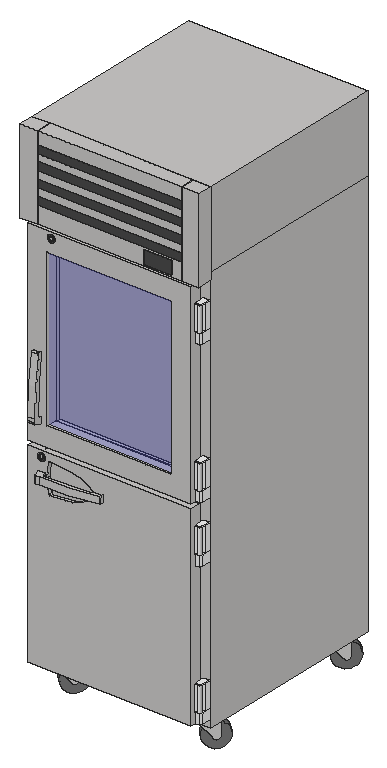
Revit family "QF_Turbo Air_PRO-26R-GSH", category Specialty Equipment, Revit 2014
Parameters
  Width = 2' - 4 3/4"  # constant formula
  Weight in Pounds = 320
  Watermarked By = ""
  Volts = 115 V
  URL Cutsheet = ""
  URL = "www.turboairinc.com"
  Status [instance] = ""
  Specification by User [instance] = ""
  Specification by Manufacturer [instance] = ""
  Serial Number [instance] = ""
  Revision Code [instance] = ""
  Phase = 1
  Overall Height [instance] = Box Height + CasterLeg Height  # 6' - 11"
  Number of Poles [instance] = 1
  NAFEM Spec ID Number [instance] = ""
  Model = "PRO-26R-GSH"
  Masterspec [instance] = ""
  Manufacturer = "Turbo Air"  # constant formula
  Door Height = 2' - 7 1/4"  # constant formula
  Description = "Refrigerator, Reach In"
  Assembly Code = "E1090320"
  6 inch Legs [instance] = no
  Item Number [instance] = "-"
  Installed By [instance] = ""
  HP = "1/3"
  Furnished By [instance] = ""
  Foodservice Equipment Identifier = yes
  FL Amps = 5.2 A
  Electrical Remarks [instance] = ""
  Electric Connection Type = ""
  Elec Conn RI Height [instance] = 0' - 0"
  Elec Conn Connection Height = 6' - 4 7/8"
  Cycle = 60 Hz
  Conn Plug = "NEMA 5-15P"
  Casters [instance] = not([6 inch Legs])  # yes
  CasterLeg Height [instance] = if(or([5 inch Casters], [6 inch Legs]), 0' 6", 0' 5")  # 0' - 5"
  CSI MasterFormat = "11 41 13"
  Box Height = 6' - 6"  # constant formula
  Apparent Power = if(Phase = 3, Volts * FL Amps * 1.73, Volts * FL Amps)  # 598 VA
  5 inch Casters [instance] = no
Reference planes (in)
  plane 1 "BACK": y = 0
  plane 2: z = 0
  plane 3 "LEFT": x = -16.56573
  plane 4 "RIGHT": x = 12.18427
  plane 5 "FRONT": y = -33.875
  plane 6 "Box Front": y = -31.5
  plane 7 "Door Clearance": y = -60.875
  plane 8 "TOP": z = 83
  plane 9 "Box Bottom": z = 5
  plane 10 "Bottom Door Bottom": z = 5.875
  plane 11 "Top Door Top": z = 69.125
  plane 12 "Inside Left": x = -14.56573
  plane 13 "Inside Right": x = 10.18427
  plane 14 "Inside Back": y = -2
  plane 15 "Inside Front": y = -29.5
  plane 16 "Inside Top": z = 70.75
  plane 17 "Center LR": x = -2.19073
  plane 18 "Cowl Bottom": z = 69.5
  plane 19 "Door Left Hinge": x = -15.31573
  plane 20 "Door Right Hinge": x = 10.93427
  plane 21 "Door Center": z = 37.5
  plane 22 "Top Door Bottom": z = 37.875
  plane 23 "Bottom Door Top": z = 37.125
Forms (in)
  Extrusion 1, solid, material "QF_Stainless-Polished"
    sketch origin (0, 0, 5) x (0, 1, 0) y (-1, 0, 0)
      loop
        line (-31.5, 16.56573) -> (-31.5, 13.81573) -> (-29.5, 13.81573) -> (-29.5, 14.56573) -> (-2, 14.56573) -> (-2, -10.18427) -> (-29.5, -10.18427) -> (-29.5, -9.43427) -> (-31.5, -9.43427) -> (-31.5, -12.18427) -> (0, -12.18427) -> (0, 16.56573) -> (-31.5, 16.56573)
    from 0 to 65.75
  Extrusion 2, solid, material "QF_Stainless-Polished"
    sketch origin (-14.56573, 0, 0) x (0, 1, 0) y (0, 0, 1)
      loop
        line (-29.5, 7.75) -> (-29.5, 5) -> (-2, 5) -> (-2, 7.75) -> (-29.5, 7.75)
      loop
        line (-29.5, 70.75) -> (-29.5, 69.375) -> (-2, 69.375) -> (-2, 70.75) -> (-29.5, 70.75)
    from 0 to 24.75
  Extrusion 3, solid, material "QF_Stainless-Polished"
    sketch origin (-14.56573, 0, 0) x (0, 1, 0) y (0, 0, 1)
      loop
        line (-29.5, 5) -> (-29.5, 8.25) -> (-31.5, 8.25) -> (-31.5, 5) -> (-29.5, 5)
      loop
        line (-31.5, 70.75) -> (-31.5, 67) -> (-29.5, 67) -> (-29.5, 70.75) -> (-31.5, 70.75)
    from 0.75 to 24
  Extrusion 4, solid, material "QF_Stainless-Polished"
    sketch origin (0, 0, 83) x (0, 1, 0) y (-1, 0, 0)
      loop
        line (0, 16.56573) -> (-31.5, 16.56573) -> (-31.5, -12.18427) -> (0, -12.18427) -> (0, 16.56573)
    from 0 to -12.25
  Extrusion 5, solid, material "QF_Stainless-Polished"
    sketch origin (-14.56573, 0, 0) x (0, 1, 0) y (0, 0, 1)
      loop
        line (-2, 69.375) -> (-27.25, 69.375) -> (-25, 68.125) -> (-13.25, 68.125) -> (-3.25, 65.625) -> (-2, 65.625) -> (-2, 69.375)
    from 0 to 24.75
  Extrusion 6, solid, material "QF_Stainless-Polished"
    sketch origin (-2.19073, 0, 0) x (0, 1, 0) y (0, 0, 1)
      loop
        line (-3.25, 65.625) -> (-3.25, 28.875) -> (-2, 28.875) -> (-2, 65.625) -> (-3.25, 65.625)
    from 0.25 to -0.25
  Extrusion 7, solid, material "QF_Plastic-Black-Fine Textured"
    sketch origin (0, -31.5, 0) x (1, 0, 0) y (0, 0, 1)
      loop
        line (-14.31573, 67.75) -> (-14.31573, 39.25) -> (9.93427, 39.25) -> (9.93427, 67.75) -> (-14.31573, 67.75)
      loop
        line (-14.31573, 7.25) -> (9.93427, 7.25) -> (9.93427, 35.75) -> (-14.31573, 35.75) -> (-14.31573, 7.25)
      loop
        line (-14.56573, 7) -> (10.18427, 7) -> (10.18427, 36) -> (-14.56573, 36) -> (-14.56573, 7)
      loop
        line (-14.56573, 68) -> (-14.56573, 39) -> (10.18427, 39) -> (10.18427, 68) -> (-14.56573, 68)
    from 0 to 0.625
  Extrusion 8, solid, material "QF_Stainless-Polished"
    sketch origin (0, -31.5, 0) x (1, 0, 0) y (0, 0, 1)
      loop
        line (-16.56573, 83) -> (-16.56573, 69.5) -> (-13.75323, 69.5) -> (-13.75323, 83) -> (-16.56573, 83)
      loop
        line (12.18427, 83) -> (9.37177, 83) -> (9.37177, 69.5) -> (12.18427, 69.5) -> (12.18427, 83)
    from 0 to 2.375
  Extrusion 9, solid, material "QF_Stainless-Polished"
    sketch origin (0, -31.5, 0) x (1, 0, 0) y (0, 0, 1)
      loop
        line (-13.75323, 83) -> (-13.75323, 81) -> (9.37177, 81) -> (9.37177, 83) -> (-13.75323, 83)
      loop
        line (-13.75323, 69.5) -> (9.37177, 69.5) -> (9.37177, 72.25) -> (-13.75323, 72.25) -> (-13.75323, 69.5)
      loop
        arc (7.87177, 71.75) -> (7.81686, 71.88258) -> (7.68427, 71.9375) r 0.1875
        line (7.68427, 71.9375) -> (3.55927, 71.9375)
        arc (3.55927, 71.9375) -> (3.42669, 71.88258) -> (3.37177, 71.75) r 0.1875
        line (3.37177, 71.75) -> (3.37177, 69.9375)
        arc (3.37177, 69.9375) -> (3.42669, 69.80492) -> (3.55927, 69.75) r 0.1875
        line (3.55927, 69.75) -> (7.68427, 69.75)
        arc (7.68427, 69.75) -> (7.81686, 69.80492) -> (7.87177, 69.9375) r 0.1875
        line (7.87177, 69.9375) -> (7.87177, 71.75)
    from 0 to 2.375
  Extrusion 10, solid, material "QF_Stainless-Polished"
    sketch origin (0, -31.5, 0) x (1, 0, 0) y (0, 0, 1)
      loop
        line (-13.75323, 79.6875) -> (-13.75323, 78.5625) -> (9.37177, 78.5625) -> (9.37177, 79.6875) -> (-13.75323, 79.6875)
      loop
        line (9.37177, 77.1875) -> (-13.75323, 77.1875) -> (-13.75323, 76.0625) -> (9.37177, 76.0625) -> (9.37177, 77.1875)
      loop
        line (9.37177, 74.6875) -> (-13.75323, 74.6875) -> (-13.75323, 73.5625) -> (9.37177, 73.5625) -> (9.37177, 74.6875)
    from 0 to 2.375
  Extrusion 11, solid, material "QF_Plastic-Black-Fine Textured"
    sketch origin (0, -31.5, 0) x (1, 0, 0) y (0, 0, 1)
      loop
        line (-13.75323, 81) -> (-13.75323, 79.6875) -> (9.37177, 79.6875) -> (9.37177, 81) -> (-13.75323, 81)
      loop
        line (-13.75323, 78.5625) -> (-13.75323, 77.1875) -> (9.37177, 77.1875) -> (9.37177, 78.5625) -> (-13.75323, 78.5625)
      loop
        line (-13.75323, 76.0625) -> (-13.75323, 74.6875) -> (9.37177, 74.6875) -> (9.37177, 76.0625) -> (-13.75323, 76.0625)
      loop
        line (-13.75323, 73.5625) -> (-13.75323, 72.25) -> (9.37177, 72.25) -> (9.37177, 73.5625) -> (-13.75323, 73.5625)
    from 0 to 2.375
  Extrusion 12, solid, material "QF_Plastic-Black-Fine Textured"
    sketch origin (0, -31.5, 0) x (1, 0, 0) y (0, 0, 1)
      loop
        arc (3.55927, 71.9375) -> (3.42669, 71.88258) -> (3.37177, 71.75) r 0.1875
        line (3.37177, 71.75) -> (3.37177, 69.9375)
        arc (3.37177, 69.9375) -> (3.42669, 69.80492) -> (3.55927, 69.75) r 0.1875
        line (3.55927, 69.75) -> (7.68427, 69.75)
        arc (7.68427, 69.75) -> (7.81686, 69.80492) -> (7.87177, 69.9375) r 0.1875
        line (7.87177, 69.9375) -> (7.87177, 71.75)
        arc (7.87177, 71.75) -> (7.81686, 71.88258) -> (7.68427, 71.9375) r 0.1875
        line (7.68427, 71.9375) -> (3.55927, 71.9375)
    from 0 to 2.375
  Extrusion 13, solid, material "QF_Clearance", detail levels coarse+medium
    sketch origin (0, 0, 5.875) x (0, 1, 0) y (-1, 0, 0)
      loop
        arc (-33.875, 16.56573) -> (-53.29595, 7.75127) -> (-60.875, -12.18427) r 28
        line (-60.875, -12.18427) -> (-33.875, -12.18427) -> (-33.875, 16.56573)
    from 0 to 63.25
  Extrusion 14, solid, material "QF_Stainless-Polished"
    sketch origin (0, -31.5, 0) x (1, 0, 0) y (0, 0, 1)
      loop
        line (-13.81573, 39.46875) -> (-13.81573, 35.53125) -> (9.43427, 35.53125) -> (9.43427, 39.46875) -> (-13.81573, 39.46875)
    from 0 to -2
Lines and regions (in)
  symbolic lines
    curve 1: line (-16.56573, 0, 83) -> (12.18427, 0, 83)
    curve 2: line (-16.56573, -33.875, 83) -> (-16.56573, 0, 83)
    curve 3: line (12.18427, -33.875, 83) -> (-16.56573, -33.875, 83)
    curve 4: line (12.18427, 0, 83) -> (12.18427, -33.875, 83)
  symbolic lines, style "QF_Clearances_Door_Drawer", detail levels coarse+medium
    curve 5: arc (-16.56573, -33.875, 5.875) -> (-7.75127, -53.29595, 5.875) -> (12.18427, -60.875, 5.875) r 28
    curve 6: line (12.18427, -60.875, 5.875) -> (12.18427, -33.875, 5.875)
Dimensions and locks (in)
  "Width": plane 4 "RIGHT" to plane 3 "LEFT"
  plane 5 "FRONT" to plane 6 "Box Front" = 0' - 2 3/8"
  locked: plane 7 "Door Clearance" to plane 5 "FRONT" at 27
  "CasterLeg Height": plane 9 "Box Bottom" to level
  locked: plane 10 "Bottom Door Bottom" to plane 9 "Box Bottom" at 0.875
  "Box Height": plane 8 "TOP" to plane 9 "Box Bottom"
  locked: plane 8 "TOP" to plane 11 "Top Door Top" at 13.875
  locked: plane 3 "LEFT" to plane 12 "Inside Left" at 2
  locked: plane 13 "Inside Right" to plane 4 "RIGHT" at 2
  locked: plane 14 "Inside Back" to plane 1 "BACK" at 2
  plane 6 "Box Front" to plane 15 "Inside Front" = 0' - 2"
  locked: plane 12 "Inside Left" to Extrusion 1 sketch curve at 0.75
  locked: Extrusion 1 sketch curve to plane 13 "Inside Right" at 0.75
  locked: plane 8 "TOP" to plane 16 "Inside Top" at 12.25
  locked: plane 9 "Box Bottom" to Extrusion 2 sketch curve at 2.75
  locked: Extrusion 3 sketch curve to plane 9 "Box Bottom" at 3.25
  locked: plane 16 "Inside Top" to Extrusion 2 sketch curve at 1.375
  locked: Extrusion 3 sketch curve to plane 16 "Inside Top" at 3.75
  locked: plane 16 "Inside Top" to Extrusion 5 sketch curve at 1.375
  locked: Extrusion 5 sketch curve to Extrusion 5 sketch curve at 1.25
  locked: Extrusion 5 sketch curve to Extrusion 5 sketch curve at 11.75
  locked: Extrusion 5 sketch curve to plane 14 "Inside Back" at 25.25
  locked: Extrusion 5 sketch curve to plane 14 "Inside Back" at 1.25
  locked: Extrusion 5 sketch curve to plane 14 "Inside Back" at 11.25
  locked: Extrusion 5 sketch curve to Extrusion 5 sketch curve at 3.75
  equal spacing: plane 3 "LEFT", plane 17 "Center LR", plane 4 "RIGHT"
  locked: plane 16 "Inside Top" to Extrusion 6 sketch curve at 5.125
  locked: Extrusion 6 sketch curve to Extrusion 6 sketch curve at 36.75
  locked: Extrusion 6 sketch curve to plane 14 "Inside Back" at 1.25
  locked: Extrusion 7 sketch curve to Extrusion 7 sketch curve at 0.25  (x6)
  locked: Extrusion 7 sketch curve to plane 3 "LEFT" at 2
  locked: Extrusion 7 sketch curve to plane 4 "RIGHT" at 2
  locked: plane 11 "Top Door Top" to Extrusion 7 sketch curve at 1.125
  locked: Extrusion 7 sketch curve to plane 10 "Bottom Door Bottom" at 1.125
  locked: plane 18 "Cowl Bottom" to plane 11 "Top Door Top" at 0.375
  locked: plane 3 "LEFT" to nested 1 at 3
  locked: nested 1 to plane 1 "BACK" at 2.5
  locked: plane 3 "LEFT" to nested 2 at 3
  locked: plane 6 "Box Front" to nested 2 at 2.8125
  locked: nested 3 to plane 4 "RIGHT" at 3
  locked: nested 3 to plane 1 "BACK" at 2.5
  locked: nested 4 to plane 4 "RIGHT" at 3
  locked: plane 6 "Box Front" to nested 4 at 2.8125
  locked: plane 3 "LEFT" to Extrusion 8 sketch curve at 2.8125
  locked: Extrusion 8 sketch curve to plane 4 "RIGHT" at 2.8125
  locked: Extrusion 9 sketch curve to plane 3 "LEFT" at 2.8125  (x2)
  locked: plane 8 "TOP" to Extrusion 9 sketch curve at 2
  locked: Extrusion 9 sketch curve to plane 4 "RIGHT" at 2.8125  (x2)
  locked: Extrusion 9 sketch curve to plane 18 "Cowl Bottom" at 2.75
  locked: Extrusion 9 sketch curve to Extrusion 9 sketch curve at 4.5
  locked: Extrusion 9 sketch curve to plane 4 "RIGHT" at 4.3125
  locked: Extrusion 9 sketch curve to Extrusion 9 sketch curve at 2.1875
  locked: Extrusion 9 sketch curve to Extrusion 9 sketch curve at 0.3125
  locked: Extrusion 10 sketch curve to plane 3 "LEFT" at 2.8125  (x3)
  locked: Extrusion 10 sketch curve to plane 4 "RIGHT" at 2.8125  (x3)
  locked: plane 8 "TOP" to Extrusion 10 sketch curve at 3.3125
  locked: Extrusion 10 sketch curve to Extrusion 10 sketch curve at 1.125  (x3)
  locked: Extrusion 10 sketch curve to Extrusion 10 sketch curve at 1.375  (x2)
  locked: plane 3 "LEFT" to plane 19 "Door Left Hinge" at 1.25
  locked: plane 20 "Door Right Hinge" to plane 4 "RIGHT" at 1.25
  equal spacing: plane 11 "Top Door Top", plane 21 "Door Center", plane 10 "Bottom Door Bottom"
  plane 22 "Top Door Bottom" to plane 21 "Door Center" to plane 23 "Bottom Door Top" = 0' - 0 3/8" locked, 0' - 0 3/8" locked
  locked: Extrusion 7 sketch curve to plane 22 "Top Door Bottom" at 1.125
  locked: plane 23 "Bottom Door Top" to Extrusion 7 sketch curve at 1.125
  Extrusion 14 sketch curve to plane 21 "Door Center" to Extrusion 14 sketch curve = 0' - 1 31/32" locked, 0' - 1 31/32" locked
  locked: plane 3 "LEFT" to Extrusion 14 sketch curve at 2.75
  locked: Extrusion 14 sketch curve to plane 4 "RIGHT" at 2.75
  locked: plane 6 "Box Front" to plane 1 "BACK" at 31.5
  aligned and locked: level to plane 2
  aligned and locked: Extrusion 1 sketch curve to plane 3 "LEFT"
  aligned and locked: plane 12 "Inside Left" to Extrusion 1 sketch curve
  aligned and locked: Extrusion 1 sketch curve to plane 13 "Inside Right"
  aligned and locked: plane 4 "RIGHT" to Extrusion 1 sketch curve
  aligned and locked: plane 14 "Inside Back" to Extrusion 1 sketch curve
  aligned and locked: Extrusion 1 sketch curve to plane 1 "BACK"
  aligned and locked: Extrusion 1 sketch curve to plane 15 "Inside Front"  (x2)
  aligned and locked: plane 6 "Box Front" to Extrusion 1 sketch curve  (x2)
  aligned and locked: plane 16 "Inside Top" to Extrusion 1
  aligned and locked: plane 9 "Box Bottom" to Extrusion 2 sketch curve
  aligned and locked: plane 15 "Inside Front" to Extrusion 2 sketch curve
  aligned and locked: plane 14 "Inside Back" to Extrusion 2 sketch curve  (x2)
  aligned and locked: plane 13 "Inside Right" to Extrusion 2
  aligned and locked: plane 6 "Box Front" to Extrusion 3 sketch curve  (x2)
  aligned and locked: Extrusion 3 sketch curve to plane 9 "Box Bottom"
  aligned and locked: Extrusion 3 sketch curve to plane 15 "Inside Front"  (x2)
  aligned and locked: Extrusion 3 to Extrusion 1  (x2)
  aligned and locked: Extrusion 2 sketch curve to plane 16 "Inside Top"
  aligned and locked: Extrusion 2 sketch curve to plane 15 "Inside Front"
  aligned and locked: plane 16 "Inside Top" to Extrusion 3 sketch curve
  aligned and locked: plane 1 "BACK" to Extrusion 4 sketch curve
  aligned and locked: plane 3 "LEFT" to Extrusion 4 sketch curve
  aligned and locked: Extrusion 4 sketch curve to plane 6 "Box Front"
  aligned and locked: Extrusion 4 sketch curve to plane 4 "RIGHT"
  aligned and locked: Extrusion 4 to plane 16 "Inside Top"
  aligned and locked: plane 14 "Inside Back" to Extrusion 5 sketch curve
  aligned and locked: plane 13 "Inside Right" to Extrusion 5
  aligned and locked: Extrusion 6 sketch curve to plane 14 "Inside Back"
  aligned and locked: plane 5 "FRONT" to Extrusion 8
  aligned and locked: plane 3 "LEFT" to curve 2
  aligned and locked: curve 3 to plane 5 "FRONT"
  aligned and locked: curve 4 to plane 4 "RIGHT"
  aligned and locked: plane 1 "BACK" to curve 1
  aligned and locked: plane 18 "Cowl Bottom" to Extrusion 8 sketch curve
  aligned and locked: plane 3 "LEFT" to Extrusion 8 sketch curve
  aligned and locked: Extrusion 8 sketch curve to plane 8 "TOP"
  aligned and locked: plane 8 "TOP" to Extrusion 8 sketch curve
  aligned and locked: plane 4 "RIGHT" to Extrusion 8 sketch curve
  aligned and locked: Extrusion 8 sketch curve to plane 18 "Cowl Bottom"
  aligned and locked: Extrusion 9 sketch curve to plane 8 "TOP"
  aligned and locked: plane 18 "Cowl Bottom" to Extrusion 9 sketch curve
  aligned and locked: plane 5 "FRONT" to Extrusion 9
  aligned and locked: plane 5 "FRONT" to Extrusion 10
  aligned and locked: Extrusion 11 sketch curve to Extrusion 9  (x4)
  aligned and locked: Extrusion 11 sketch curve to Extrusion 10  (x12)
  aligned and locked: plane 5 "FRONT" to Extrusion 11
  aligned and locked: Extrusion 12 sketch curve to Extrusion 9  (x4)
  aligned and locked: plane 5 "FRONT" to Extrusion 12
  aligned and locked: plane 6 "Box Front" to nested 5
  aligned and locked: plane 19 "Door Left Hinge" to nested 5
  aligned and locked: nested 5 to plane 10 "Bottom Door Bottom"
  aligned and locked: plane 11 "Top Door Top" to Extrusion 13
  aligned and locked: nested 6 to plane 22 "Top Door Bottom"
  aligned and locked: plane 6 "Box Front" to nested 6
  aligned and locked: plane 4 "RIGHT" to nested 6
Automatic sketch dimensions
  Extrusion 9 sketch curve to Extrusion 9 sketch curve = 0' - 0 3/16"  (x3)
  Extrusion 9 sketch curve to Extrusion 9 sketch curve = 0' - 1 11/16"
  curve 5 to plane 4 "RIGHT" = 0' - 0"
  plane 7 "Door Clearance" to curve 5 = 0' - 0"
  plane 5 "FRONT" to curve 6 = 0' - 0"
  plane 5 "FRONT" to curve 5 = 0' - 0"
  plane 20 "Door Right Hinge" to curve 5 = 0' - 0.48251"
  Extrusion 13 sketch curve to plane 4 "RIGHT" = 0' - 0"
  plane 7 "Door Clearance" to Extrusion 13 sketch curve = 0' - 0"
  Extrusion 13 sketch curve to plane 3 "LEFT" = 0' - 0"
  plane 5 "FRONT" to Extrusion 13 sketch curve = 0' - 0"
  plane 20 "Door Right Hinge" to Extrusion 13 sketch curve = 0' - 0.48251"
  Extrusion 7 sketch curve to Extrusion 7 sketch curve = 0' - 0 1/4"
  Extrusion 7 sketch curve to plane 12 "Inside Left" = 0' - 0"
  Extrusion 7 sketch curve to plane 13 "Inside Right" = 0' - 0"
  Extrusion 7 sketch curve to plane 13 "Inside Right" = 0' - 0 1/4"
  curve 5 to plane 3 "LEFT" = 0' - 0"
Nested families (in)
  nested 1: "FESCasterLeg" at (-13.56573, -2.5, 0), Casters <- "Casters", Legs <- "6 inch Legs", Height <- "CasterLeg Height", type "FESCasterLeg"
    with Legs no, Height 0' - 5", Casters yes, Caster Radius 0' - 2"
  nested 2: "FESCasterLeg" at (-13.56573, -28.6875, 0), Casters <- "Casters", Legs <- "6 inch Legs", Height <- "CasterLeg Height", type "FESCasterLeg"
    with Legs no, Height 0' - 5", Casters yes, Caster Radius 0' - 2"
  nested 3: "FESCasterLeg" at (9.18427, -2.5, 0), Casters <- "Casters", Legs <- "6 inch Legs", Height <- "CasterLeg Height", type "FESCasterLeg"
    with Legs no, Height 0' - 5", Casters yes, Caster Radius 0' - 2"
  nested 4: "FESCasterLeg" at (9.18427, -28.6875, 0), Casters <- "Casters", Legs <- "6 inch Legs", Height <- "CasterLeg Height", type "FESCasterLeg"
    with Legs no, Height 0' - 5", Casters yes, Caster Radius 0' - 2"
  nested 5: "QF_Turbo Air_RI-Solid Door" at (1.25, -32.125, 5.875), Height <- "Door Height", type "QF_Turbo Air_RI-Solid Door"
    with Width 2' - 2 1/4", Symbolic Lines Handle yes, Symbolic Lines no, Height 2' - 7 1/4", Handle From Top 0' - 3 9/16", Center Hinge no
  nested 6: "QF_Turbo Air_RI-Half Glass Door" at (1.24637, -32.125, 37.875), Height <- "Door Height", type "QF_Turbo Air_RI-Half Glass Door"
    with Width 2' - 2 1/4", Symbolic Lines Handle yes, Symbolic Line no, Height 2' - 7 1/4"
Connectors (in)
  electrical at (-2.19073, 0, 76.875)
    settings: on Extrusion 4, index 1, voltage 0 V, apparent load 0 VA, apparent load phase1 0 VA, apparent load phase2 0 VA, apparent load phase3 0 VA, power factor 1, load classification "Other", number of poles 1, system type 31, power factor state 1, is connector primary yes, connector utility no, sub classification motor no, connector description ""
Definition of nested family "FESCasterLeg"
  Parameters
    Watermarked By = "http://revitwatermark.com"
    Type Comments = ""
    Legs [instance] = yes
    Height [instance] = 0' - 6"
    Caster Radius [instance] = if(Height < 0' 3", 0' 1", (Height / 2) - 0' 0 1/2")  # 0' - 2 1/2"
    Casters [instance] = yes
    Assembly Code = ""
  Reference planes (in)
    plane 1 "Center (Front/Back)": y = 0
    plane 2: z = 0
    plane 3 "Center (Left/Right)": x = 0
    plane 4: z = 6
    plane 5: z = 5.5
  Forms (in)
    Extrusion 1, solid, material "QF_Stainless-Polished", visible <- "Casters"
      sketch origin (-24.12131, -22.88887, 10.18833) x (0.707107, 0.707107, 0) y (0, 0, 1)
        loop
          line (34.98772, -7.68833) -> (34.98772, -4.93833) -> (34.48772, -4.93833) -> (34.39402, -4.68833) -> (32.39402, -4.68833) -> (32.39402, -5.43833) -> (33.98772, -7.34206) -> (33.98772, -7.68833)
          arc (33.98772, -7.68833) -> (34.48772, -8.18833) -> (34.98772, -7.68833) r 0.5
      from 0 to 1.75
    Extrusion 2, solid, material "QF_Rubber-Black", visible <- "Casters"
      sketch origin (-24.32327, -23.09083, 13.31461) x (0.707107, 0.707107, 0) y (0, 0, 1)
        loop
          circle (34.77334, -10.81461) r 2.5
      from 0.375 to 1.375
    Extrusion 3, solid, material "QF_Stainless-Polished", visible <- "Casters"
      sketch origin (-7.24148, -8.48391, 0) x (0.707107, 0.707107, 0) y (0, 0, 1)
        loop
          line (10.61603, 5.5) -> (11.61603, 5.5) -> (11.61603, 6) -> (10.61603, 6) -> (10.61603, 5.5)
      from 0 to -1.75
    Blend 4, solid, material "QF_Stainless-Polished", visible <- "Legs"
      base sketch origin (0, 0, 0) x (1, 0, 0) y (0, 1, 0)
        loop
          circle (0, 0) r 0.5
      top sketch origin (0, 0, 0) x (1, 0, 0) y (0, 1, 0)
        loop
          circle (0, 0) r 1
      from 0 to 6 <- "Height"
  Lines and regions (in)
    symbolic lines, style "QF_Details_Undercounter", visible <- "Casters", built-in parameter 1006206 <- "Casters"
      curve 1: line (-1.26158, -0.51911, 0) -> (1.39007, 2.13254, 0)
      curve 2: line (-0.53429, -1.24639, 0) -> (2.11736, 1.40526, 0)
    symbolic lines, style "QF_Details_Undercounter", built-in parameter 1006206 <- "Casters", visible <- "Casters"
      curve 3: line (-1.26158, -0.51911, 0) -> (1.39007, 2.13254, 0)
      curve 4: line (-0.53429, -1.24639, 0) -> (2.11736, 1.40526, 0)
  Dimensions and locks (in)
    locked: plane 4 to plane 5 at 0.5
    "Height": plane 4 to level
    "Caster Radius": Extrusion 2 sketch curve to level
    "Caster Radius": Extrusion 1 sketch curve to level
    "Caster Radius": radius of Extrusion 2 sketch curve
    aligned and locked: plane 2 to level
    aligned: Blend 4 to Extrusion 3
    aligned and locked: plane 4 to Blend 4
    aligned and locked: Extrusion 3 to plane 5
    aligned and locked: plane 4 to Extrusion 3
    aligned and locked: plane 5 to Extrusion 1
  Automatic sketch dimensions
    plane 1 "Center (Front/Back)" to curve 3 = 0' - 0.51911"
    curve 3 to plane 3 "Center (Left/Right)" = 0' - 1.26158"
    plane 1 "Center (Front/Back)" to curve 1 = 0' - 0.51911"
    curve 1 to curve 3 = 0' - 0"  (x3)
    curve 4 to plane 3 "Center (Left/Right)" = 0' - 0.53429"
    curve 2 to curve 4 = 0' - 0"  (x2)
    plane 3 "Center (Left/Right)" to curve 3 = 0' - 1.39007"
    curve 1 to curve 4 = 0' - 0.72729"
    curve 2 to curve 1 = 0' - 0.72729"
    curve 4 to curve 2 = 0' - 0"  (x2)
    curve 2 to plane 1 "Center (Front/Back)" = 0' - 1.40526"
    curve 2 to curve 3 = 0' - 0.72729"
    Extrusion 3 sketch curve to plane 5 = 0' - 0"
    plane 4 to Extrusion 3 sketch curve = 0' - 0"
    Extrusion 3 sketch curve to Extrusion 3 sketch curve = 0' - 1"
    plane 1 "Center (Front/Back)" to Blend 4 sketch curve = 0' - 0"  (x2)
    Blend 4 sketch curve to plane 3 "Center (Left/Right)" = 0' - 0"  (x2)
    Extrusion 1 sketch curve to plane 5 = 0' - 0"
    Extrusion 1 sketch curve to plane 5 = 0' - 2.65373"
    Extrusion 1 sketch curve to Extrusion 1 sketch curve = 0' - 1.5937"
    Extrusion 1 sketch curve to Extrusion 1 sketch curve = 0' - 2"
    Extrusion 1 sketch curve to Extrusion 1 sketch curve = 0' - 0.0937"
    Extrusion 1 sketch curve to Extrusion 1 sketch curve = 0' - 0 1/2"
    Extrusion 1 sketch curve to plane 5 = 0' - 0 3/4"
    Extrusion 1 sketch curve to plane 5 = 0' - 0 1/4"
    radius of Blend 4 sketch curve = 0' - 0 1/2"
    radius of Blend 4 sketch curve = 0' - 1"
Definition of nested family "QF_Turbo Air_RI-Solid Door"
  Parameters (values of type "QF_Turbo Air_RI-Solid Door")
    Width [instance] = 2' - 2 1/4"
    Watermarked By = ""
    Symbolic Lines Handle [instance] = yes
    Symbolic Lines [instance] = yes
    Height [instance] = 5' - 3 1/4"
    Handle From Top [instance] = 2' - 1 7/8"
    Center Hinge [instance] = yes
  Reference planes (in)
    plane 1 "Door Back": y = 0
    plane 2: z = 0
    plane 3 "LEFT": x = -16.56573
    plane 4 "Door Front": y = -1.75
    plane 5 "Handle Front": y = -3.0625
    plane 6 "Door Right": x = 9.68427
    plane 7 "TOP": z = 63.25
    plane 8 "Handle Elevation": z = 37.375
    plane 9 "Hinge Right": x = 10.93427
    plane 10 "Top Hinge Top": z = 60.75
    plane 11 "Top Hinge Bottom": z = 55
    plane 12: z = 56.625
    plane 13 "Center TB": z = 31.625
    plane 14 "Center Hinge Top": z = 35.0625
    plane 15 "Center Hinge Bottom": z = 29.3125
    plane 16: z = 30.9375
    plane 17 "Bottom Hinge Top": z = 6
    plane 18 "Bottom Hinge Bottom": z = 0.25
    plane 19: z = 1.875
    plane 20 "Hinges Front": y = -1.1875
    plane 21 "Hinges Back": y = 0.625
  Forms (in)
    Extrusion 1, solid, material "QF_Stainless-Polished"
      sketch origin (0, 0, 0) x (1, 0, 0) y (0, 0, 1)
        loop
          line (-16.56573, 63.25) -> (-16.56573, 0) -> (9.68427, 0) -> (9.68427, 63.25) -> (-16.56573, 63.25)
        loop
          arc (-13.15519, 39.61272) -> (-13.41636, 38.50742) -> (-13.50323, 37.375) r 7.3125
          arc (-13.50323, 37.375) -> (-13.41636, 36.24258) -> (-13.15519, 35.13728) r 7.3125
          arc (-13.15519, 35.13728) -> (-13.01711, 34.94724) -> (-12.79306, 34.87662) r 0.375
          arc (-12.79306, 34.87662) -> (-11.04564, 34.98179) -> (-9.31573, 35.25) r 18.6875
          arc (-9.31573, 35.25) -> (-7.55515, 35.84984) -> (-6.00323, 36.875) r 7.30243
          arc (-6.00323, 36.875) -> (-5.85876, 37.375) -> (-6.00323, 37.875) r 0.9375
          arc (-6.00323, 37.875) -> (-7.55515, 38.90016) -> (-9.31573, 39.5) r 7.30243
          arc (-9.31573, 39.5) -> (-11.04564, 39.76821) -> (-12.79306, 39.87338) r 18.6875
          arc (-12.79306, 39.87338) -> (-13.01711, 39.80276) -> (-13.15519, 39.61272) r 0.375
      from 0 to 1.75
    Extrusion 2, solid, material "QF_Stainless-Polished"
      sketch origin (0, 0, 0) x (1, 0, 0) y (0, 0, 1)
        loop
          arc (-13.15519, 39.61272) -> (-13.41636, 38.50742) -> (-13.50323, 37.375) r 7.3125
          arc (-13.50323, 37.375) -> (-13.41636, 36.24258) -> (-13.15519, 35.13728) r 7.3125
          arc (-13.15519, 35.13728) -> (-13.01711, 34.94724) -> (-12.79306, 34.87662) r 0.375
          arc (-12.79306, 34.87662) -> (-11.04564, 34.98179) -> (-9.31573, 35.25) r 18.6875
          arc (-9.31573, 35.25) -> (-7.55515, 35.84984) -> (-6.00323, 36.875) r 7.30243
          arc (-6.00323, 36.875) -> (-5.85876, 37.375) -> (-6.00323, 37.875) r 0.9375
          arc (-6.00323, 37.875) -> (-7.55515, 38.90016) -> (-9.31573, 39.5) r 7.30243
          arc (-9.31573, 39.5) -> (-11.04564, 39.76821) -> (-12.79306, 39.87338) r 18.6875
          arc (-12.79306, 39.87338) -> (-13.01711, 39.80276) -> (-13.15519, 39.61272) r 0.375
      from 0 to 1.25
    Extrusion 3, solid, material "QF_Stainless-Polished"
      sketch origin (0, 0, 37.375) x (0, 1, 0) y (-1, 0, 0)
        loop
          line (-1.75, 14.806) -> (-2.93294, 14.42164)
          arc (-2.93294, 14.42164) -> (-3.02669, 14.35352) -> (-3.0625, 14.24331) r 0.1875
          line (-3.0625, 14.24331) -> (-3.0625, 13.62954)
          arc (-3.0625, 13.62954) -> (-2.88483, 9.14446) -> (-2.21868, 4.70557) r 41.0625
          arc (-2.21868, 4.70557) -> (-2.15347, 4.59812) -> (-2.03505, 4.55599) r 0.1875
          line (-2.03505, 4.55599) -> (-1.75, 4.55599) -> (-1.75, 5.93099) -> (-1.83987, 5.93099)
          arc (-1.83987, 5.93099) -> (-1.96178, 5.97604) -> (-2.02512, 6.08952) r 0.1875
          arc (-2.02512, 6.08952) -> (-2.42253, 9.66014) -> (-2.50243, 13.25191) r 40.5625
          arc (-2.50243, 13.25191) -> (-2.47714, 13.3419) -> (-2.41155, 13.4085) r 0.1875
          line (-2.41155, 13.4085) -> (-1.75, 13.806) -> (-1.75, 14.806)
      from -0.5625 to 0.5625
    Extrusion 4, solid, material "QF_Steel-Chrome Plated"
      sketch origin (0, 0, 0.25) x (0, 1, 0) y (-1, 0, 0)
        loop
          line (0.625, -10.81225) -> (0.625, -9.7438) -> (-0.75, -9.80927) -> (-1.1875, -9.9342) -> (-1.1875, -10.62185) -> (-0.75, -10.74677) -> (0.625, -10.81225)
      from 0 to 1.625
    Extrusion 5, solid, material "QF_Steel-Chrome Plated"
      sketch origin (0, 0, 6) x (0, 1, 0) y (-1, 0, 0)
        loop
          line (-0.5625, -9.68427) -> (-1.1875, -9.68427) -> (-1.1875, -10.27802)
          arc (-1.1875, -10.27802) -> (-0.875, -10.59052) -> (-0.5625, -10.27802) r 0.3125
          line (-0.5625, -10.27802) -> (-0.5625, -9.68427)
      from -0.125 to -4.125
    Extrusion 6, solid, material "QF_Steel-Chrome Plated"
      sketch origin (0, 0, 6) x (0, 1, 0) y (-1, 0, 0)
        loop
          line (0.625, -9.7438) -> (-0.25, -9.78547) -> (-0.25, -10.77058) -> (0.625, -10.81225) -> (0.625, -9.7438)
      from -0.125 to -4.125
    Extrusion 7, solid, material "QF_Steel-Chrome Plated"
      sketch origin (0, 0, 6) x (0, 1, 0) y (-1, 0, 0)
        loop
          line (0.625, -10.81225) -> (0.625, -9.7438) -> (-0.75, -9.80927) -> (-1.1875, -9.9342) -> (-1.1875, -10.62185) -> (-0.75, -10.74677) -> (0.625, -10.81225)
      from 0 to -0.125
    Extrusion 8, solid, material "QF_Steel-Chrome Plated", visible <- "Center Hinge"
      sketch origin (0, 0, 29.3125) x (0, 1, 0) y (-1, 0, 0)
        loop
          line (0.625, -10.81225) -> (0.625, -9.7438) -> (-0.75, -9.80927) -> (-1.1875, -9.9342) -> (-1.1875, -10.62185) -> (-0.75, -10.74677) -> (0.625, -10.81225)
      from 0 to 1.625
    Extrusion 9, solid, material "QF_Steel-Chrome Plated", visible <- "Center Hinge"
      sketch origin (0, 0, 35.0625) x (0, 1, 0) y (-1, 0, 0)
        loop
          line (-0.5625, -9.68427) -> (-1.1875, -9.68427) -> (-1.1875, -10.27802)
          arc (-1.1875, -10.27802) -> (-0.875, -10.59052) -> (-0.5625, -10.27802) r 0.3125
          line (-0.5625, -10.27802) -> (-0.5625, -9.68427)
      from -0.125 to -4.125
    Extrusion 10, solid, material "QF_Steel-Chrome Plated", visible <- "Center Hinge"
      sketch origin (0, 0, 35.0625) x (0, 1, 0) y (-1, 0, 0)
        loop
          line (0.625, -9.7438) -> (-0.25, -9.78547) -> (-0.25, -10.77058) -> (0.625, -10.81225) -> (0.625, -9.7438)
      from -0.125 to -4.125
    Extrusion 11, solid, material "QF_Steel-Chrome Plated", visible <- "Center Hinge"
      sketch origin (0, 0, 35.0625) x (0, 1, 0) y (-1, 0, 0)
        loop
          line (0.625, -10.81225) -> (0.625, -9.7438) -> (-0.75, -9.80927) -> (-1.1875, -9.9342) -> (-1.1875, -10.62185) -> (-0.75, -10.74677) -> (0.625, -10.81225)
      from 0 to -0.125
    Extrusion 12, solid, material "QF_Steel-Chrome Plated"
      sketch origin (0, 0, 55) x (0, 1, 0) y (-1, 0, 0)
        loop
          line (0.625, -10.81225) -> (0.625, -9.7438) -> (-0.75, -9.80927) -> (-1.1875, -9.9342) -> (-1.1875, -10.62185) -> (-0.75, -10.74677) -> (0.625, -10.81225)
      from 0 to 1.625
    Extrusion 13, solid, material "QF_Steel-Chrome Plated"
      sketch origin (0, 0, 60.75) x (0, 1, 0) y (-1, 0, 0)
        loop
          line (-0.5625, -9.68427) -> (-1.1875, -9.68427) -> (-1.1875, -10.27802)
          arc (-1.1875, -10.27802) -> (-0.875, -10.59052) -> (-0.5625, -10.27802) r 0.3125
          line (-0.5625, -10.27802) -> (-0.5625, -9.68427)
      from -0.125 to -4.125
    Extrusion 14, solid, material "QF_Steel-Chrome Plated"
      sketch origin (0, 0, 60.75) x (0, 1, 0) y (-1, 0, 0)
        loop
          line (0.625, -9.7438) -> (-0.25, -9.78547) -> (-0.25, -10.77058) -> (0.625, -10.81225) -> (0.625, -9.7438)
      from -0.125 to -4.125
    Extrusion 15, solid, material "QF_Steel-Chrome Plated"
      sketch origin (0, 0, 60.75) x (0, 1, 0) y (-1, 0, 0)
        loop
          line (0.625, -10.81225) -> (0.625, -9.7438) -> (-0.75, -9.80927) -> (-1.1875, -9.9342) -> (-1.1875, -10.62185) -> (-0.75, -10.74677) -> (0.625, -10.81225)
      from 0 to -0.125
    Extrusion 16, void
      sketch origin (0, 0, 0) x (1, 0, 0) y (0, 0, 1)
        loop
          circle (-14.37823, 62.3125) r 0.5625
        loop
          circle (-14.37823, 62.3125) r 0.3125
      from 0 to 1.75
    Extrusion 17, solid, material "QF_Plastic-Black-Fine Textured"
      sketch origin (0, 0, 0) x (1, 0, 0) y (0, 0, 1)
        loop
          circle (-14.37823, 62.3125) r 0.5625
        loop
          circle (-14.37823, 62.3125) r 0.3125
      from 0 to 1.75
  Cuts and joins
    Extrusion 16 cuts Extrusion 1
  Lines and regions (in)
    symbolic lines, visible <- "Symbolic Lines"
      curve 1: line (-16.56573, 0, 6) -> (9.68427, 0, 6)
      curve 2: line (-16.56573, -1.75, 6) -> (-16.56573, 0, 6)
      curve 3: line (9.68427, -1.75, 6) -> (-16.56573, -1.75, 6)
      curve 4: line (9.68427, 0, 6) -> (9.68427, -1.75, 6)
      curve 5: line (10.81225, 0.625, 6) -> (9.7438, 0.625, 6)
      curve 6: line (10.74677, -0.75, 6) -> (10.81225, 0.625, 6)
      curve 7: line (10.62185, -1.1875, 6) -> (10.74677, -0.75, 6)
      curve 8: line (9.9342, -1.1875, 6) -> (10.62185, -1.1875, 6)
      curve 9: line (9.80927, -0.75, 6) -> (9.9342, -1.1875, 6)
      curve 10: line (9.7438, 0.625, 6) -> (9.80927, -0.75, 6)
    symbolic lines, visible <- "Symbolic Lines Handle"
      curve 11: line (-14.806, -1.75, 6) -> (-14.42164, -2.93294, 6)
      curve 12: arc (-14.42164, -2.93294, 6) -> (-14.35352, -3.02669, 6) -> (-14.24331, -3.0625, 6) r 0.1875
      curve 13: line (-14.24331, -3.0625, 6) -> (-13.62954, -3.0625, 6)
      curve 14: line (-4.55599, -2.03505, 6) -> (-4.55599, -1.75, 6)
      curve 15: arc (-4.70557, -2.21868, 6) -> (-4.59812, -2.15347, 6) -> (-4.55599, -2.03505, 6) r 0.1875
      curve 16: arc (-13.62954, -3.0625, 6) -> (-9.14446, -2.88483, 6) -> (-4.70557, -2.21868, 6) r 41.0625
      curve 17: line (-13.4085, -2.41155, 6) -> (-13.806, -1.75, 6)
      curve 18: arc (-13.25191, -2.50243, 6) -> (-13.3419, -2.47714, 6) -> (-13.4085, -2.41155, 6) r 0.1875
      curve 19: arc (-6.08952, -2.02512, 6) -> (-9.66014, -2.42253, 6) -> (-13.25191, -2.50243, 6) r 40.5625
      curve 20: arc (-5.93099, -1.83987, 6) -> (-5.97604, -1.96178, 6) -> (-6.08952, -2.02512, 6) r 0.1875
      curve 21: line (-5.93099, -1.75, 6) -> (-5.93099, -1.83987, 6)
  Dimensions and locks (in)
    locked: plane 5 "Handle Front" to plane 4 "Door Front" at 1.3125
    "Width": plane 6 "Door Right" to plane 3 "LEFT"
    "Height": plane 7 "TOP" to plane 2
    "Handle From Top": plane 7 "TOP" to plane 8 "Handle Elevation"
    locked: plane 6 "Door Right" to plane 9 "Hinge Right" at 1.25
    locked: plane 7 "TOP" to plane 10 "Top Hinge Top" at 2.5
    locked: plane 10 "Top Hinge Top" to plane 11 "Top Hinge Bottom" at 5.75
    locked: plane 12 to plane 11 "Top Hinge Bottom" at 1.625
    equal spacing: plane 7 "TOP", plane 13 "Center TB", level
    locked: plane 14 "Center Hinge Top" to plane 15 "Center Hinge Bottom" at 5.75
    locked: plane 16 to plane 15 "Center Hinge Bottom" at 1.625
    locked: plane 14 "Center Hinge Top" to plane 13 "Center TB" at 3.4375
    locked: plane 17 "Bottom Hinge Top" to plane 18 "Bottom Hinge Bottom" at 5.75
    locked: plane 19 to plane 18 "Bottom Hinge Bottom" at 1.625
    locked: plane 17 "Bottom Hinge Top" to level at 6
    locked: Extrusion 1 sketch curve to plane 8 "Handle Elevation" at 2.12341
    locked: plane 8 "Handle Elevation" to Extrusion 1 sketch curve at 2.12341
    locked: Extrusion 1 sketch curve to plane 8 "Handle Elevation" at 16.18748
    locked: plane 8 "Handle Elevation" to Extrusion 1 sketch curve at 16.18748
    locked: plane 8 "Handle Elevation" to Extrusion 1 sketch curve at 5.03089
    locked: Extrusion 1 sketch curve to plane 8 "Handle Elevation" at 5.03089
    locked: Extrusion 1 sketch curve to plane 8 "Handle Elevation" at 0
    locked: Extrusion 1 sketch curve to plane 8 "Handle Elevation" at 0.00859
    locked: plane 8 "Handle Elevation" to Extrusion 1 sketch curve at 0.00859
    locked: Extrusion 4 sketch curve to Extrusion 4 sketch curve at 1.06845
    locked: Extrusion 4 sketch curve to plane 9 "Hinge Right" at 0.12202
    locked: Extrusion 4 sketch curve to Extrusion 4 sketch curve at 0.9375
    locked: Extrusion 4 sketch curve to plane 9 "Hinge Right" at 0.1875
    locked: Extrusion 4 sketch curve to Extrusion 4 sketch curve at 0.68764
    locked: Extrusion 4 sketch curve to plane 9 "Hinge Right" at 0.31243
    locked: plane 20 "Hinges Front" to Extrusion 5 sketch curve at 0.625
    locked: plane 6 "Door Right" to Extrusion 5 sketch curve at 0.59375
    locked: Extrusion 6 sketch curve to Extrusion 6 sketch curve at 1.06845
    locked: Extrusion 6 sketch curve to plane 9 "Hinge Right" at 0.12202
    locked: Extrusion 6 sketch curve to Extrusion 6 sketch curve at 0.98512
    locked: Extrusion 6 sketch curve to plane 9 "Hinge Right" at 0.16369
    locked: Extrusion 7 sketch curve to Extrusion 7 sketch curve at 1.06845
    locked: Extrusion 7 sketch curve to Extrusion 7 sketch curve at 0.9375
    locked: Extrusion 7 sketch curve to Extrusion 7 sketch curve at 0.68764
    locked: Extrusion 7 sketch curve to plane 9 "Hinge Right" at 0.12202
    locked: Extrusion 7 sketch curve to plane 9 "Hinge Right" at 0.1875
    locked: Extrusion 7 sketch curve to plane 9 "Hinge Right" at 0.31243
    locked: Extrusion 8 sketch curve to Extrusion 8 sketch curve at 1.06845
    locked: Extrusion 8 sketch curve to Extrusion 8 sketch curve at 0.9375
    locked: Extrusion 8 sketch curve to Extrusion 8 sketch curve at 0.68764
    locked: Extrusion 10 sketch curve to Extrusion 10 sketch curve at 1.06845
    locked: Extrusion 10 sketch curve to Extrusion 10 sketch curve at 0.98512
    locked: Extrusion 11 sketch curve to Extrusion 11 sketch curve at 1.06845
    locked: Extrusion 11 sketch curve to Extrusion 11 sketch curve at 0.9375
    locked: Extrusion 11 sketch curve to Extrusion 11 sketch curve at 0.68764
    locked: Extrusion 12 sketch curve to Extrusion 12 sketch curve at 1.06845
    locked: Extrusion 12 sketch curve to Extrusion 12 sketch curve at 0.9375
    locked: Extrusion 12 sketch curve to Extrusion 12 sketch curve at 0.68764
    locked: Extrusion 14 sketch curve to Extrusion 14 sketch curve at 1.06845
    locked: Extrusion 14 sketch curve to Extrusion 14 sketch curve at 0.98512
    locked: Extrusion 15 sketch curve to Extrusion 15 sketch curve at 1.06845
    locked: Extrusion 15 sketch curve to Extrusion 15 sketch curve at 0.9375
    locked: Extrusion 15 sketch curve to Extrusion 15 sketch curve at 0.68764
    locked: Extrusion 8 sketch curve to plane 9 "Hinge Right" at 0.12202
    locked: Extrusion 8 sketch curve to plane 9 "Hinge Right" at 0.1875
    locked: Extrusion 8 sketch curve to plane 9 "Hinge Right" at 0.31243
    locked: Extrusion 10 sketch curve to plane 9 "Hinge Right" at 0.12202
    locked: Extrusion 10 sketch curve to plane 9 "Hinge Right" at 0.16369
    locked: Extrusion 11 sketch curve to plane 9 "Hinge Right" at 0.12202
    locked: Extrusion 11 sketch curve to plane 9 "Hinge Right" at 0.1875
    locked: Extrusion 11 sketch curve to plane 9 "Hinge Right" at 0.31243
    locked: plane 6 "Door Right" to Extrusion 9 sketch curve at 0.59375
    locked: plane 20 "Hinges Front" to Extrusion 9 sketch curve at 0.625
    locked: Extrusion 12 sketch curve to plane 9 "Hinge Right" at 0.12202
    locked: Extrusion 12 sketch curve to plane 9 "Hinge Right" at 0.1875
    locked: Extrusion 12 sketch curve to plane 9 "Hinge Right" at 0.31243
    locked: Extrusion 14 sketch curve to plane 9 "Hinge Right" at 0.12202
    locked: Extrusion 14 sketch curve to plane 9 "Hinge Right" at 0.16369
    locked: Extrusion 15 sketch curve to plane 9 "Hinge Right" at 0.12202
    locked: Extrusion 15 sketch curve to plane 9 "Hinge Right" at 0.1875
    locked: Extrusion 15 sketch curve to plane 9 "Hinge Right" at 0.31243
    locked: plane 20 "Hinges Front" to Extrusion 13 sketch curve at 0.625
    locked: plane 6 "Door Right" to Extrusion 13 sketch curve at 0.59375
    locked: plane 7 "TOP" to Extrusion 16 sketch curve at 0.9375  (x2)
    locked: Extrusion 16 sketch curve to plane 3 "LEFT" at 2.1875  (x2)
    aligned and locked: level to plane 2
    aligned and locked: Extrusion 1 sketch curve to plane 7 "TOP"
    aligned and locked: plane 3 "LEFT" to Extrusion 1 sketch curve
    aligned and locked: level to Extrusion 1 sketch curve
    aligned and locked: Extrusion 1 sketch curve to plane 6 "Door Right"
    aligned and locked: plane 4 "Door Front" to Extrusion 1
    aligned and locked: plane 8 "Handle Elevation" to Extrusion 1 sketch curve
    aligned and locked: Extrusion 2 sketch curve to Extrusion 1  (x9)
    aligned and locked: plane 20 "Hinges Front" to Extrusion 4 sketch curve
    aligned and locked: plane 19 to Extrusion 4
    aligned and locked: Extrusion 5 to plane 19
    aligned and locked: Extrusion 5 sketch curve to plane 6 "Door Right"
    aligned and locked: plane 20 "Hinges Front" to Extrusion 5 sketch curve
    aligned and locked: Extrusion 6 to plane 19
    aligned and locked: plane 16 to Extrusion 8
    aligned and locked: Extrusion 10 to plane 16
    aligned and locked: Extrusion 9 to plane 16
    aligned and locked: Extrusion 9 sketch curve to plane 6 "Door Right"
    aligned and locked: plane 20 "Hinges Front" to Extrusion 9 sketch curve
    aligned and locked: plane 20 "Hinges Front" to Extrusion 11 sketch curve
    aligned and locked: plane 20 "Hinges Front" to Extrusion 8 sketch curve
    aligned and locked: plane 12 to Extrusion 12
    aligned and locked: Extrusion 14 to plane 12
    aligned and locked: Extrusion 13 to plane 12
    aligned and locked: plane 20 "Hinges Front" to Extrusion 12 sketch curve
    aligned and locked: plane 20 "Hinges Front" to Extrusion 15 sketch curve
    aligned and locked: Extrusion 13 sketch curve to plane 6 "Door Right"
    aligned and locked: plane 20 "Hinges Front" to Extrusion 13 sketch curve
    aligned and locked: plane 4 "Door Front" to cut or joined group of Extrusion 1, Extrusion 16
    aligned and locked: Extrusion 17 sketch curve to cut or joined group of Extrusion 1, Extrusion 16  (x4)
    aligned and locked: plane 4 "Door Front" to Extrusion 17
    aligned and locked: plane 1 "Door Back" to curve 1
    aligned and locked: plane 3 "LEFT" to curve 2
    aligned and locked: curve 3 to plane 4 "Door Front"
    aligned and locked: curve 4 to plane 6 "Door Right"
    aligned and locked: curve 6 to Extrusion 15
    aligned and locked: curve 7 to Extrusion 15
    aligned and locked: curve 8 to Extrusion 15
    aligned and locked: curve 9 to Extrusion 15
    aligned and locked: curve 10 to Extrusion 15
    aligned and locked: curve 11 to Extrusion 3
    aligned and locked: curve 12 to Extrusion 3
    aligned and locked: curve 15 to Extrusion 3
    aligned and locked: curve 16 to Extrusion 3
    aligned and locked: curve 17 to Extrusion 3
    aligned and locked: curve 18 to Extrusion 3
    aligned and locked: curve 19 to Extrusion 3
    aligned and locked: curve 20 to Extrusion 3
    aligned and locked: curve 21 to Extrusion 3
    aligned and locked: Extrusion 4 sketch curve to plane 21 "Hinges Back"
    aligned and locked: plane 21 "Hinges Back" to Extrusion 6 sketch curve
    aligned and locked: Extrusion 7 sketch curve to plane 21 "Hinges Back"
    aligned and locked: Extrusion 8 sketch curve to plane 21 "Hinges Back"
    aligned and locked: plane 21 "Hinges Back" to Extrusion 10 sketch curve
    aligned and locked: Extrusion 11 sketch curve to plane 21 "Hinges Back"
    aligned and locked: Extrusion 12 sketch curve to plane 21 "Hinges Back"
    aligned and locked: plane 21 "Hinges Back" to Extrusion 14 sketch curve
    aligned and locked: Extrusion 15 sketch curve to plane 21 "Hinges Back"
  Automatic sketch dimensions
    plane 3 "LEFT" to Extrusion 1 sketch curve = 0' - 3.525"  (x2)
    plane 3 "LEFT" to Extrusion 1 sketch curve = 0' - 3.76769"  (x2)
    Extrusion 1 sketch curve to Extrusion 1 sketch curve = 0' - 2.02671"  (x2)
    Extrusion 1 sketch curve to Extrusion 1 sketch curve = 0' - 6.00177"
    Extrusion 1 sketch curve to Extrusion 1 sketch curve = 0' - 0.60553"
    Extrusion 1 sketch curve to Extrusion 1 sketch curve = 0' - 0"  (x7)
    Extrusion 1 sketch curve to Extrusion 1 sketch curve = 0' - 0.70519"
    plane 8 "Handle Elevation" to Extrusion 1 sketch curve = 0' - 0 1/2"
    plane 5 "Handle Front" to Extrusion 3 sketch curve = 0' - 0"
    plane 4 "Door Front" to Extrusion 3 sketch curve = 0' - 0"  (x2)
    Extrusion 3 sketch curve to plane 5 "Handle Front" = 0' - 0.12956"
    Extrusion 3 sketch curve to Extrusion 3 sketch curve = 0' - 0.05794"
    Extrusion 3 sketch curve to plane 5 "Handle Front" = 0' - 0.65095"
    Extrusion 3 sketch curve to Extrusion 3 sketch curve = 0' - 0.09657"
    plane 4 "Door Front" to Extrusion 3 sketch curve = 0' - 0.28505"
    plane 4 "Door Front" to Extrusion 3 sketch curve = 0' - 0.08987"
    plane 3 "LEFT" to Extrusion 3 sketch curve = 0' - 3.55577"
    Extrusion 3 sketch curve to Extrusion 3 sketch curve = 0' - 0.05487"
    Extrusion 3 sketch curve to Extrusion 3 sketch curve = 0' - 0.65261"
    plane 3 "LEFT" to Extrusion 3 sketch curve = 0' - 10.44723"
    Extrusion 3 sketch curve to Extrusion 3 sketch curve = 0' - 0 3/16"  (x2)
    Extrusion 3 sketch curve to Extrusion 3 sketch curve = 0' - 1 3/16"
    plane 3 "LEFT" to Extrusion 3 sketch curve = 0' - 3.31795"
    Extrusion 3 sketch curve to Extrusion 3 sketch curve = 0' - 0.16072"
    Extrusion 3 sketch curve to Extrusion 3 sketch curve = 0' - 0.37763"
    Extrusion 3 sketch curve to Extrusion 3 sketch curve = 0' - 0.3975"
    Extrusion 3 sketch curve to Extrusion 3 sketch curve = 0' - 0.61377"
    Extrusion 3 sketch curve to Extrusion 3 sketch curve = 0' - 1"
    Extrusion 3 sketch curve to Extrusion 3 sketch curve = 0' - 0"
    Extrusion 4 sketch curve to plane 20 "Hinges Front" = 0' - 0 7/16"  (x2)
    plane 1 "Door Back" to Extrusion 6 sketch curve = 0' - 0 1/4"
    plane 20 "Hinges Front" to Extrusion 7 sketch curve = 0' - 0"
    Extrusion 7 sketch curve to plane 20 "Hinges Front" = 0' - 0 7/16"  (x2)
    Extrusion 8 sketch curve to plane 20 "Hinges Front" = 0' - 0 7/16"  (x2)
    Extrusion 11 sketch curve to plane 20 "Hinges Front" = 0' - 0 7/16"  (x2)
    Extrusion 12 sketch curve to plane 20 "Hinges Front" = 0' - 0 7/16"  (x2)
    Extrusion 15 sketch curve to plane 20 "Hinges Front" = 0' - 0 7/16"  (x2)
    curve 12 to curve 12 = 0' - 0.05794"
    curve 18 to curve 17 = 0' - 0.09088"
    Extrusion 3 sketch curve to plane 21 "Hinges Back" = 3' - 1.37033"
    plane 1 "Door Back" to Extrusion 10 sketch curve = 0' - 0 1/4"
    plane 1 "Door Back" to Extrusion 14 sketch curve = 0' - 0 1/4"
    plane 21 "Hinges Back" to curve 5 = 0' - 0"
    radius of Extrusion 16 sketch curve = 0' - 0 9/16"
    radius of Extrusion 16 sketch curve = 0' - 0 5/16"
Definition of nested family "QF_Turbo Air_RI-Half Glass Door"
  Parameters (values of type "QF_Turbo Air_RI-Half Glass Door")
    Width [instance] = 2' - 4 3/4"
    Watermarked By = ""
    Symbolic Lines Handle [instance] = yes
    Symbolic Line [instance] = yes
    Height [instance] = 2' - 7 1/4"
  Reference planes (in)
    plane 1 "Door Back": y = 0
    plane 2: z = 0
    plane 3 "LEFT": x = -16.56573
    plane 4 "Door Front": y = -1.75
    plane 5 "RIGHT": x = 12.18427
    plane 6 "TOP": z = 31.25
    plane 7: x = -13.44073
    plane 8: x = 9.05927
    plane 9: z = 28.125
    plane 10: z = 3.125
    plane 11 "Handle CL": x = -15.00323
    plane 12 "Hinge Right": x = 13.4379
    plane 13 "Bottom Hinge Top": z = 6.00894
    plane 14 "Bottom Hinge Bottom": z = 0.25894
    plane 15: z = 1.88394
    plane 16 "BACK": y = 0.625
    plane 17: z = 28.75
    plane 18: z = 23
    plane 19: z = 24.625
  Forms (in)
    Extrusion 1, solid, material "QF_Stainless-Polished"
      sketch origin (0, 0, 0) x (1, 0, 0) y (0, 0, 1)
        loop
          line (-16.56573, 31.25) -> (-16.56573, 0) -> (12.18427, 0) -> (12.18427, 31.25) -> (-16.56573, 31.25)
        loop
          line (-13.44073, 28.125) -> (-13.44073, 3.125) -> (9.05927, 3.125) -> (9.05927, 28.125) -> (-13.44073, 28.125)
      from 0 to 1.75
    Extrusion 2, solid, material "QF_Glass-Cast-Clear"
      sketch origin (0, 0, 0) x (1, 0, 0) y (0, 0, 1)
        loop
          line (-13.44073, 28.125) -> (-13.44073, 3.125) -> (9.05927, 3.125) -> (9.05927, 28.125) -> (-13.44073, 28.125)
      from 0.25 to 1.5
    Extrusion 3, solid, material "QF_Stainless-Polished"
      sketch origin (-15.00323, 1.89763, 8.25) x (0, 1, 0) y (0, 0, 1)
        loop
          line (-3.64763, -5.125) -> (-3.64763, -4.125) -> (-4.30918, -3.7275)
          arc (-4.30918, -3.7275) -> (-4.37477, -3.66091) -> (-4.40006, -3.57092) r 0.1875
          arc (-4.40006, -3.57092) -> (-4.32015, 0.02086) -> (-3.92274, 3.59147) r 40.5625
          arc (-3.92274, 3.59147) -> (-3.85941, 3.70496) -> (-3.7375, 3.75) r 0.1875
          line (-3.7375, 3.75) -> (-3.64763, 3.75) -> (-3.64763, 5.125) -> (-3.93268, 5.125)
          arc (-3.93268, 5.125) -> (-4.0511, 5.08287) -> (-4.11631, 4.97542) r 0.1875
          arc (-4.11631, 4.97542) -> (-4.78246, 0.53653) -> (-4.96013, -3.94854) r 41.0625
          line (-4.96013, -3.94854) -> (-4.96013, -4.56232)
          arc (-4.96013, -4.56232) -> (-4.92432, -4.67253) -> (-4.83057, -4.74064) r 0.1875
          line (-4.83057, -4.74064) -> (-3.64763, -5.125)
      from -0.5625 to 0.5625
    Extrusion 4, void
      sketch origin (0, 0, 0) x (1, 0, 0) y (0, 0, 1)
        loop
          circle (-12.81573, 30.3125) r 0.5625
        loop
          circle (-12.81573, 30.3125) r 0.3125
      from 0 to 1.75
    Extrusion 5, solid, material "QF_Plastic-Black-Fine Textured"
      sketch origin (0, 0, 0) x (1, 0, 0) y (0, 0, 1)
        loop
          circle (-12.81573, 30.3125) r 0.5625
        loop
          circle (-12.81573, 30.3125) r 0.3125
      from 0 to 1.75
    Extrusion 6, solid, material "QF_Steel-Chrome Plated"
      sketch origin (0, 0, 0.25894) x (0, 1, 0) y (-1, 0, 0)
        loop
          line (0.625, -13.31588) -> (0.625, -12.24743) -> (-0.75, -12.3129) -> (-1.1875, -12.43783) -> (-1.1875, -13.12548) -> (-0.75, -13.2504) -> (0.625, -13.31588)
      from 0 to 1.625
    Extrusion 7, solid, material "QF_Steel-Chrome Plated"
      sketch origin (0, 0, 6.00894) x (0, 1, 0) y (-1, 0, 0)
        loop
          line (-0.5625, -12.1879) -> (-1.1875, -12.1879) -> (-1.1875, -12.78165)
          arc (-1.1875, -12.78165) -> (-0.875, -13.09415) -> (-0.5625, -12.78165) r 0.3125
          line (-0.5625, -12.78165) -> (-0.5625, -12.1879)
      from -0.125 to -4.125
    Extrusion 8, solid, material "QF_Steel-Chrome Plated"
      sketch origin (0, 0, 6.00894) x (0, 1, 0) y (-1, 0, 0)
        loop
          line (0.625, -12.24743) -> (-0.25, -12.2891) -> (-0.25, -13.27421) -> (0.625, -13.31588) -> (0.625, -12.24743)
      from -0.125 to -4.125
    Extrusion 9, solid, material "QF_Steel-Chrome Plated"
      sketch origin (0, 0, 6.00894) x (0, 1, 0) y (-1, 0, 0)
        loop
          line (0.625, -13.31588) -> (0.625, -12.24743) -> (-0.75, -12.3129) -> (-1.1875, -12.43783) -> (-1.1875, -13.12548) -> (-0.75, -13.2504) -> (0.625, -13.31588)
      from 0 to -0.125
    Extrusion 10, solid, material "QF_Steel-Chrome Plated"
      sketch origin (-237.49637, 20.99197, 23) x (0, 1, 0) y (-1, 0, 0)
        loop
          line (-20.36697, -250.81225) -> (-20.36697, -249.7438) -> (-21.74197, -249.80927) -> (-22.17947, -249.9342) -> (-22.17947, -250.62185) -> (-21.74197, -250.74677) -> (-20.36697, -250.81225)
      from 0 to 1.625
    Extrusion 11, solid, material "QF_Steel-Chrome Plated"
      sketch origin (-237.49637, 20.99197, 28.75) x (0, 1, 0) y (-1, 0, 0)
        loop
          line (-21.55447, -249.68427) -> (-22.17947, -249.68427) -> (-22.17947, -250.27802)
          arc (-22.17947, -250.27802) -> (-21.86697, -250.59052) -> (-21.55447, -250.27802) r 0.3125
          line (-21.55447, -250.27802) -> (-21.55447, -249.68427)
      from -0.125 to -4.125
    Extrusion 12, solid, material "QF_Steel-Chrome Plated"
      sketch origin (-237.49637, 20.99197, 28.75) x (0, 1, 0) y (-1, 0, 0)
        loop
          line (-20.36697, -249.7438) -> (-21.24197, -249.78547) -> (-21.24197, -250.77058) -> (-20.36697, -250.81225) -> (-20.36697, -249.7438)
      from -0.125 to -4.125
    Extrusion 13, solid, material "QF_Steel-Chrome Plated"
      sketch origin (-237.49637, 20.99197, 28.75) x (0, 1, 0) y (-1, 0, 0)
        loop
          line (-20.36697, -250.81225) -> (-20.36697, -249.7438) -> (-21.74197, -249.80927) -> (-22.17947, -249.9342) -> (-22.17947, -250.62185) -> (-21.74197, -250.74677) -> (-20.36697, -250.81225)
      from 0 to -0.125
  Cuts and joins
    Extrusion 4 cuts Extrusion 1
  Lines and regions (in)
    symbolic lines, visible <- "Symbolic Line"
      curve 1: line (-16.56573, 0, 0) -> (12.18427, 0, 0)
      curve 2: line (-16.56573, -1.75, 0) -> (-16.56573, 0, 0)
      curve 3: line (12.18427, -1.75, 0) -> (-16.56573, -1.75, 0)
      curve 4: line (12.18427, 0, 0) -> (12.18427, -1.75, 0)
    symbolic lines, visible <- "Symbolic Lines Handle"
      curve 5: line (-15.56573, -1.75, 0) -> (-15.56573, -3.06717, 0)
      curve 6: line (-15.56573, -3.06717, 0) -> (-14.44073, -3.06717, 0)
      curve 7: line (-14.44073, -3.06717, 0) -> (-14.44073, -1.75, 0)
  Dimensions and locks (in)
    locked: plane 4 "Door Front" to plane 1 "Door Back" at 1.75
    "Width": plane 5 "RIGHT" to plane 3 "LEFT"
    "Height": plane 6 "TOP" to plane 2
    locked: plane 3 "LEFT" to plane 7 at 3.125
    locked: plane 8 to plane 5 "RIGHT" at 3.125
    locked: plane 10 to level at 3.125
    locked: plane 6 "TOP" to plane 9 at 3.125
    equal spacing: plane 3 "LEFT", plane 11 "Handle CL", plane 7
    locked: Extrusion 4 sketch curve to plane 3 "LEFT" at 3.75  (x2)
    locked: plane 6 "TOP" to Extrusion 4 sketch curve at 0.9375  (x2)
    locked: plane 13 "Bottom Hinge Top" to plane 14 "Bottom Hinge Bottom" at 5.75
    locked: plane 15 to plane 14 "Bottom Hinge Bottom" at 1.625
    locked: Extrusion 6 sketch curve to Extrusion 6 sketch curve at 1.06845
    locked: Extrusion 6 sketch curve to Extrusion 6 sketch curve at 0.9375
    locked: Extrusion 6 sketch curve to plane 12 "Hinge Right" at 0.1875
    locked: Extrusion 6 sketch curve to Extrusion 6 sketch curve at 0.68764
    locked: Extrusion 6 sketch curve to plane 12 "Hinge Right" at 0.31243
    locked: Extrusion 8 sketch curve to Extrusion 8 sketch curve at 1.06845
    locked: Extrusion 8 sketch curve to plane 12 "Hinge Right" at 0.12202
    locked: Extrusion 8 sketch curve to Extrusion 8 sketch curve at 0.98512
    locked: Extrusion 8 sketch curve to plane 12 "Hinge Right" at 0.16369
    locked: Extrusion 9 sketch curve to Extrusion 9 sketch curve at 1.06845
    locked: Extrusion 9 sketch curve to Extrusion 9 sketch curve at 0.9375
    locked: Extrusion 9 sketch curve to Extrusion 9 sketch curve at 0.68764
    locked: Extrusion 9 sketch curve to plane 12 "Hinge Right" at 0.12202
    locked: Extrusion 9 sketch curve to plane 12 "Hinge Right" at 0.1875
    locked: Extrusion 9 sketch curve to plane 12 "Hinge Right" at 0.31243
    locked: plane 1 "Door Back" to plane 16 "BACK" at 0.625
    locked: plane 17 to plane 18 at 5.75
    locked: plane 19 to plane 18 at 1.625
    locked: plane 6 "TOP" to plane 17 at 2.5
    locked: Extrusion 10 sketch curve to Extrusion 10 sketch curve at 1.06845
    locked: Extrusion 10 sketch curve to Extrusion 10 sketch curve at 0.9375
    locked: Extrusion 10 sketch curve to Extrusion 10 sketch curve at 0.68764
    locked: Extrusion 12 sketch curve to Extrusion 12 sketch curve at 1.06845
    locked: Extrusion 12 sketch curve to Extrusion 12 sketch curve at 0.98512
    locked: Extrusion 13 sketch curve to Extrusion 13 sketch curve at 1.06845
    locked: Extrusion 13 sketch curve to Extrusion 13 sketch curve at 0.9375
